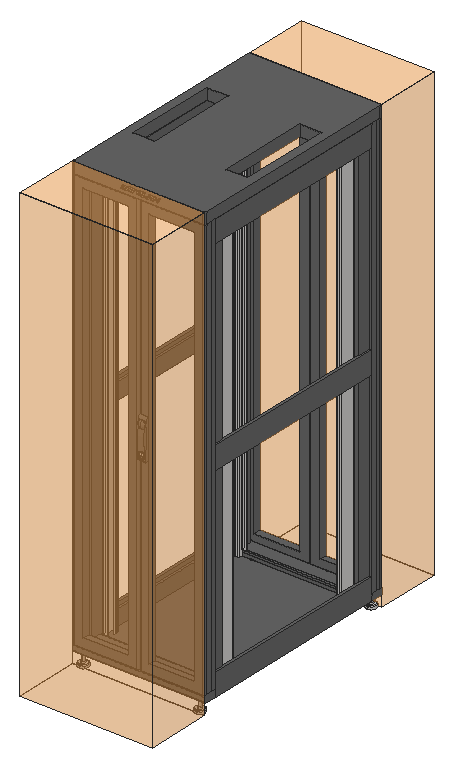
Revit family "Eurolan_Шкафы Rackcenter D9000", category Электрооборудование, Revit 2019
Family settings
  Размер круглого соединителя = Использовать диаметр
  Тип детали = Другая панель
  На основе рабочей плоскости = Нет
  Всегда вертикально = Да
  При загрузке вырезать с полостями = Нет
  Общий = Нет
  Точка расчета площади = Нет
Parameters (values of type "42U_600×1000_60F-42-6A-97BL_19" шкаф Rackcenter D9000_передняя дверь двустворчатая, задняя дверь двустворчатая_без боковых стенок")
  число_передняя дверь = 2
  выбор_передняя дверь = in_Дверь_перфорированная_двойная : in_Дверь_перфорированная_двойная
  выбор_задняя дверь = in_Дверь_перфорированная_двойная : in_Дверь_перфорированная_двойная
  Смещение от пола = 51.000 mm
  Зона обслуживания [instance] = yes
  Двери [instance] = yes
  Глубина зоны обслуживания_Спереди = if(число_передняя дверь = 2, ADSK_Размер_Ширина / 2, ADSK_Размер_Ширина)  # 300.000 mm
  Глубина зоны обслуживания_Сзади = ADSK_Размер_Ширина / 2  # 300.000 mm
  Боковые панели = no
  ADSK_Размер_Ширина = 600.000 mm
  ADSK_Размер_Глубина = 1000.000 mm
  ADSK_Размер_Высота = 2044.000 mm
  ADSK_Примечание [instance] = ""
  ADSK_Позиция [instance] = ""
  ADSK_Наименование краткое = "19\" шкаф Rackcenter D9000"
  ADSK_Наименование = "19\" шкаф Rackcenter D9000, 42U 600 × 1000 мм, передняя дверь перфорированная двустворчатая, задняя дверь перфорированная двустворчатая, без боковых стенок, черный"
  ADSK_Материал = Металл RAL 9005
  ADSK_Масса = 112.2
  ADSK_Марка = "D9000"
  ADSK_Код изделия = "60F-42-6A-97BL"
  ADSK_Завод-изготовитель = "Eurolan"  # constant formula
  ADSK_Единица измерения = "шт."  # constant formula
  48U = if(ADSK_Размер_Высота > 2044.000 mm, 1 = 1, 1 = 0)  # no
Reference planes
  plane 1 "По центру (Вперед/Назад)": y = 0
  plane 2: z = 0
  plane 3 "По центру (Влево/Вправо)": x = 0
  plane 4: z = 51
  plane 5: x = -300
  plane 6: x = 300
  plane 7: z = 151
  plane 8: y = 500
  plane 9: y = -500
  plane 10: z = 2044
Forms (mm)
  Extrusion 1, solid, material "Металл RAL 9005" <- "ADSK_Материал", detail levels coarse
    sketch origin (0, 0, 0) x (1, 0, 0) y (0, 1, 0)
      loop
        line (-300, 500) -> (-300, -500) -> (300, -500) -> (300, 500) -> (-300, 500)
    from 0 to 2044
  Extrusion 2, solid, material "Металл RAL 9005" <- "ADSK_Материал", detail levels medium
    sketch origin (0, 0, 0) x (1, 0, 0) y (0, 1, 0)
      loop
        line (-300, 500) -> (-300, -500) -> (300, -500) -> (300, 500) -> (-300, 500)
    from 51 to 2044
  Extrusion 3, solid, material "Зона обслуживания", visible <- "Зона обслуживания"
    sketch origin (0, 0, 0) x (1, 0, 0) y (0, 1, 0)
      loop
        line (-300, 500) -> (300, 500) -> (300, 800) -> (-300, 800) -> (-300, 500)
    from 0 to 2044 <- "ADSK_Размер_Высота"
  Extrusion 4, solid, material "Зона обслуживания", visible <- "Зона обслуживания"
    sketch origin (0, 0, 0) x (1, 0, 0) y (0, 1, 0)
      loop
        line (-300, -500) -> (-300, -800) -> (300, -800) -> (300, -500) -> (-300, -500)
    from 0 to 2044 <- "ADSK_Размер_Высота"
Lines and regions (mm)
  model lines
    curve 1: line (-268.499, 447.064, 0) -> (-155.499, 447.064, 0)
    curve 2: line (-268.499, 306.064, 0) -> (-268.499, 447.064, 0)
    curve 3: line (-155.499, 306.064, 0) -> (-268.499, 306.064, 0)
    curve 4: line (-155.499, 447.064, 0) -> (-155.499, 306.064, 0)
    curve 5: line (-158.499, 309.064, 0) -> (-265.499, 309.064, 0)
    curve 6: line (-158.499, 444.064, 0) -> (-158.499, 309.064, 0)
    curve 7: line (-265.499, 444.064, 0) -> (-158.499, 444.064, 0)
    curve 8: line (-265.499, 309.064, 0) -> (-265.499, 444.064, 0)
Dimensions and locks
  "Смещение от пола": plane 4 to level
  equal spacing: plane 5, plane 3 "По центру (Влево/Вправо)", plane 6
  "ADSK_Размер_Ширина": plane 5 to plane 6
  plane 7 to plane 4 = 100.000 mm
  equal spacing: plane 9, plane 1 "По центру (Вперед/Назад)", plane 8
  "ADSK_Размер_Глубина": plane 9 to plane 8
  "ADSK_Размер_Высота": plane 10 to plane 2
  "Глубина зоны обслуживания_Сзади": plane 8 to Extrusion 3 sketch curve
  "Глубина зоны обслуживания_Спереди": Extrusion 4 sketch curve to Extrusion 4 sketch curve
  nested 2 to nested 2 to nested 2 = 22.600 mm, 23.400 mm
  plane 10 to nested 7 = 50.000 mm
  nested 11 to nested 11 = 1.350 mm
  nested 11 to nested 4 = 1.999 mm
  aligned and locked: level to plane 2
  aligned and locked: plane 8 to nested 3
  aligned and locked: nested 4 to plane 9
  aligned and locked: plane 8 to nested 10
  aligned and locked: plane 8 to Extrusion 1 sketch curve
  aligned and locked: Extrusion 1 sketch curve to plane 5
  aligned and locked: plane 9 to Extrusion 1 sketch curve
  aligned and locked: plane 6 to Extrusion 1 sketch curve
  aligned and locked: plane 10 to Extrusion 1
  aligned and locked: plane 8 to Extrusion 2 sketch curve
  aligned and locked: Extrusion 2 sketch curve to plane 5
  aligned and locked: plane 6 to Extrusion 2 sketch curve
  aligned and locked: plane 10 to Extrusion 2
  aligned and locked: Extrusion 2 to plane 4
  aligned and locked: Extrusion 3 sketch curve to plane 5
  aligned and locked: Extrusion 3 sketch curve to plane 6
  aligned and locked: plane 8 to Extrusion 3 sketch curve
  aligned and locked: Extrusion 4 sketch curve to plane 5
  aligned and locked: Extrusion 4 sketch curve to plane 9
  aligned and locked: plane 6 to Extrusion 4 sketch curve
  aligned and locked: nested 11 to nested 2
  aligned and locked: nested 12 to nested 1
  aligned and locked: plane 9 to nested 9
Automatic sketch dimensions
  Extrusion 2 sketch curve to plane 9 = 0.000 mm
Nested families
  nested 1: "in_Монтажный профиль" at (0, 0, 0), ADSK_Размер_Высота <- "ADSK_Размер_Высота", ADSK_Размер_Глубина <- "ADSK_Размер_Глубина", ADSK_Размер_Ширина <- "ADSK_Размер_Ширина", type ""
    with ADSK_Размер_Ширина 600.000 mm, ADSK_Размер_Глубина 1000.000 mm, ADSK_Размер_Высота 2044.000 mm, 750профиль no
  nested 2: "in_Монтажный профиль" at (0, 0, 0), ADSK_Размер_Высота <- "ADSK_Размер_Высота", ADSK_Размер_Глубина <- "ADSK_Размер_Глубина", ADSK_Размер_Ширина <- "ADSK_Размер_Ширина", type ""
    with ADSK_Размер_Ширина 600.000 mm, ADSK_Размер_Глубина 1000.000 mm, ADSK_Размер_Высота 2044.000 mm, 750профиль no
  nested 3: "in_Каркас_Фронт-Тыл" at (0, 100, 0), ADSK_Размер_Высота <- "ADSK_Размер_Высота", ADSK_Размер_Ширина <- "ADSK_Размер_Ширина", type "in_Каркас_Фронт-Тыл"
    with срез_сверху 11.000 mm, ADSK_Размер_Ширина 600.000 mm, ADSK_Размер_Высота 2044.000 mm
  nested 4: "in_Каркас_Фронт-Тыл" at (0, -100, 0), ADSK_Размер_Высота <- "ADSK_Размер_Высота", ADSK_Размер_Ширина <- "ADSK_Размер_Ширина", type ""
    with срез_сверху 11.000 mm, ADSK_Размер_Ширина 600.000 mm, ADSK_Размер_Высота 2044.000 mm
  nested 5: "in_Каркас_Боковой" at (0, 0, 0), ADSK_Размер_Высота <- "ADSK_Размер_Высота", ADSK_Размер_Глубина <- "ADSK_Размер_Глубина", ADSK_Размер_Ширина <- "ADSK_Размер_Ширина", type ""
    with ADSK_Размер_Ширина 600.000 mm, ADSK_Размер_Глубина 1000.000 mm, ADSK_Размер_Высота 2044.000 mm
  nested 6: "in_Нижняя панель" at (0, 0, 0), ADSK_Размер_Глубина <- "ADSK_Размер_Глубина", ADSK_Размер_Ширина <- "ADSK_Размер_Ширина", type "in_Нижняя панель"
    with ADSK_Размер_Ширина 600.000 mm, ADSK_Размер_Глубина 1000.000 mm
  nested 7: "in_Крыша" at (0, 0, 0), ADSK_Размер_Высота <- "ADSK_Размер_Высота", ADSK_Размер_Глубина <- "ADSK_Размер_Глубина", ADSK_Размер_Ширина <- "ADSK_Размер_Ширина", type ""
    with ADSK_Размер_Ширина 600.000 mm, ADSK_Размер_Глубина 1000.000 mm, ADSK_Размер_Высота 2044.000 mm
  nested 8: "in_Боковые панели" at (0, 0, 0), ADSK_Размер_Высота <- "ADSK_Размер_Высота", ADSK_Размер_Глубина <- "ADSK_Размер_Глубина", ADSK_Размер_Ширина <- "ADSK_Размер_Ширина", visible <- "Боковые панели", type ""
    with Глубина стенок 890.000 mm, Высота стенки 2002.000 mm, ADSK_Размер_Ширина 600.000 mm, ADSK_Размер_Глубина 1000.000 mm, ADSK_Размер_Высота 2044.000 mm
  nested 9: "in_Дверь_перфорированная_двойная" at (0, -200, 0), ADSK_Размер_Высота <- "ADSK_Размер_Высота", ADSK_Размер_Ширина <- "ADSK_Размер_Ширина", visible <- "Двери", a setting <- "выбор_передняя дверь", type ""
    with соты_количество 64, ADSK_Размер_Ширина 600.000 mm, ADSK_Размер_Высота 2044.000 mm
  nested 10: "in_Дверь_перфорированная_двойная" at (0, 200, 0) x (-1, 0, 0) z (0, 0, 1), ADSK_Размер_Высота <- "ADSK_Размер_Высота", ADSK_Размер_Ширина <- "ADSK_Размер_Ширина", visible <- "Двери", a setting <- "выбор_задняя дверь", type ""
    with соты_количество 64, ADSK_Размер_Ширина 600.000 mm, ADSK_Размер_Высота 2044.000 mm
  nested 11: "GM_in_Комплект_НомераЮнитов_1-47" at (-230.5, -145, 0), type "GM_in_Комплект_НомераЮнитов_1-47"
    with ADSK_Размер_Ширина 600.000 mm, ADSK_Размер_Высота 2277.000 mm, 47U no
  nested 12: "GM_in_Комплект_НомераЮнитов_1-47" at (230.5, 145, 0) x (-1, 0, 0) z (0, 0, 1), type "GM_in_Комплект_НомераЮнитов_1-47"
    with ADSK_Размер_Ширина 600.000 mm, ADSK_Размер_Высота 2277.000 mm, 47U no
Definition of nested family "in_Монтажный профиль"
  Parameters (values of type "in_Монтажный профиль")
    Смещение профиля = 105.000 mm
    Смещение от пола = 51.000 mm
    ADSK_Размер_Ширина [instance] = 750.000 mm
    ADSK_Размер_Глубина [instance] = 1000.000 mm
    ADSK_Размер_Высота [instance] = 2277.000 mm
    750профиль [instance] = if(ADSK_Размер_Ширина = 750.000 mm, 1 = 1, 1 = 0)  # yes
  Reference planes
    plane 1 "По центру (Вперед/Назад)": y = 0
    plane 2: z = 0
    plane 3 "По центру (Влево/Вправо)": x = 0
    plane 4: y = 500
    plane 5: y = -500
    plane 6: x = -375
    plane 7: x = 375
    plane 8: y = 395
    plane 9: x = -347
    plane 10: x = 347
    plane 11: z = 51
  Forms (mm)
    Extrusion 1, solid, detail levels fine
      sketch origin (0, -0.984, 0) x (1, 0, 0) y (0, 1, 0)
        loop
          line (-226.805, 400.492) -> (-236.805, 400.492) -> (-246.205, 400.492)
          arc (-246.205, 400.492) -> (-249.033, 399.32) -> (-250.205, 396.492) r 4
          line (-250.205, 396.492) -> (-250.205, 387.492)
          arc (-250.205, 387.492) -> (-250.791, 386.078) -> (-252.205, 385.492) r 2
          line (-252.205, 385.492) -> (-266.805, 385.492)
          arc (-266.805, 385.492) -> (-269.634, 384.32) -> (-270.805, 381.492) r 4
          line (-270.805, 381.492) -> (-270.805, 314.49)
          arc (-270.805, 314.49) -> (-269.634, 311.662) -> (-266.805, 310.49) r 4
          line (-266.805, 310.49) -> (-252.205, 310.49)
          arc (-252.205, 310.49) -> (-249.377, 311.662) -> (-248.205, 314.49) r 4
          line (-248.205, 314.49) -> (-248.205, 322.49) -> (-248.205, 332.491) -> (-248.205, 334.491) -> (-250.205, 334.491) -> (-250.205, 332.491) -> (-250.205, 322.49) -> (-250.205, 314.49)
          arc (-250.205, 314.49) -> (-250.791, 313.076) -> (-252.205, 312.49) r 2
          line (-252.205, 312.49) -> (-266.805, 312.49)
          arc (-266.805, 312.49) -> (-268.22, 313.076) -> (-268.805, 314.49) r 2
          line (-268.805, 314.49) -> (-268.805, 381.492)
          arc (-268.805, 381.492) -> (-268.22, 382.906) -> (-266.805, 383.492) r 2
          line (-266.805, 383.492) -> (-252.205, 383.492)
          arc (-252.205, 383.492) -> (-249.377, 384.663) -> (-248.205, 387.492) r 4
          line (-248.205, 387.492) -> (-248.205, 396.492)
          arc (-248.205, 396.492) -> (-247.619, 397.906) -> (-246.205, 398.492) r 2
          line (-246.205, 398.492) -> (-236.805, 398.492) -> (-226.805, 398.492) -> (-224.804, 398.492) -> (-224.804, 400.492) -> (-226.805, 400.492)
      from 0 to 1888.8
  Lines and regions (mm)
    model lines
      curve 1: line (-224.804, 399.508, 0) -> (0, 399.508, 0)
      curve 2: line (-248.205, 333.507, 0) -> (0, 333.507, 0)
      curve 3: line (-270.805, 380.508, 0) -> (-270.805, 399.508, 0)
      curve 4: line (-307.999, 393, 0) -> (-307.999, 403, 0)
      curve 5: line (307.999, 393, 0) -> (307.999, 403, 0)
  Dimensions and locks
    equal spacing: plane 4, plane 1 "По центру (Вперед/Назад)", plane 5
    "ADSK_Размер_Глубина": plane 4 to plane 5
    equal spacing: plane 6, plane 3 "По центру (Влево/Вправо)", plane 7
    "ADSK_Размер_Ширина": plane 6 to plane 7
    "Смещение профиля": plane 4 to plane 8
    locked: plane 6 to plane 9 at 28
    locked: plane 10 to plane 7 at 28
    "Смещение от пола": plane 11 to plane 2
    nested 1 to plane 11 = 14.000 mm
    aligned and locked: level to plane 2
    aligned and locked: nested 2 to plane 8
    aligned and locked: plane 8 to nested 1
    aligned and locked: nested 1 to plane 9
    aligned and locked: plane 10 to nested 2
  Automatic sketch dimensions
    Extrusion 1 sketch curve to Extrusion 1 sketch curve = 0.000 mm  (x23)
    Extrusion 1 sketch curve to Extrusion 1 sketch curve = 2.000 mm  (x9)
    Extrusion 1 sketch curve to Extrusion 1 sketch curve = 10.000 mm  (x2)
    Extrusion 1 sketch curve to Extrusion 1 sketch curve = 9.400 mm
    Extrusion 1 sketch curve to Extrusion 1 sketch curve = 14.600 mm  (x2)
    Extrusion 1 sketch curve to Extrusion 1 sketch curve = 8.000 mm
    Extrusion 1 sketch curve to Extrusion 1 sketch curve = 47.001 mm
    Extrusion 1 sketch curve to Extrusion 1 sketch curve = 9.000 mm
    curve 3 to curve 2 = 22.600 mm
    curve 3 to curve 1 = 46.001 mm
    curve 1 to curve 2 = 224.804 mm
    curve 1 to curve 2 = 0.000 mm
    curve 2 to curve 3 = 47.001 mm
    curve 2 to curve 1 = 66.001 mm
    curve 3 to curve 3 = 19.000 mm
    plane 8 to curve 4 = 8.000 mm
    plane 8 to curve 5 = 8.000 mm
    curve 5 to plane 10 = 39.001 mm
    curve 4 to plane 8 = 2.000 mm
    curve 5 to plane 8 = 2.000 mm
    curve 4 to plane 9 = 39.001 mm
  Nested families
    nested 1: "in_Стойка профиля" at (-1.195, 0, 0), ADSK_Размер_Высота <- "ADSK_Размер_Высота", ADSK_Размер_Ширина <- "ADSK_Размер_Ширина", Смещение от пола <- "Смещение от пола", 750профиль <- "750профиль", type ""
      with Смещение от пола 51.000 mm, ADSK_Размер_Ширина 750.000 mm, ADSK_Размер_Высота 2277.000 mm, 750профиль yes
    nested 2: "in_Стойка профиля" at (1.195, 0, 0) x (-1, 0, 0) z (0, 0, 1), ADSK_Размер_Высота <- "ADSK_Размер_Высота", ADSK_Размер_Ширина <- "ADSK_Размер_Ширина", Смещение от пола <- "Смещение от пола", 750профиль <- "750профиль", type ""
      with Смещение от пола 51.000 mm, ADSK_Размер_Ширина 750.000 mm, ADSK_Размер_Высота 2277.000 mm, 750профиль yes
  Definition of nested family "in_Стойка профиля"
    Parameters (values of type "in_Стойка профиля")
      Смещение профиля = 105.000 mm
      Смещение от пола [instance] = 125.000 mm
      ADSK_Размер_Ширина [instance] = 750.000 mm
      ADSK_Размер_Высота [instance] = 2077.000 mm
      750профиль [instance] = yes
    Reference planes
      plane 1 "По центру (Вперед/Назад)": y = 0
      plane 2: z = 0
      plane 3 "По центру (Влево/Вправо)": x = 0
      plane 4: y = 500
      plane 5: x = -375
      plane 6: x = 375
      plane 7: y = 395
      plane 8: x = -345.805
      plane 9: x = 345.805
      plane 10: z = 125
      plane 11: z = 2077
      plane 12: z = 1975
      plane 13: z = 2027
      plane 14: x = -299.805
      plane 15: x = -224.805
      plane 16: z = 139
      plane 17: z = 169
    Forms (mm)
      Extrusion 1, solid, detail levels fine
        sketch origin (0, -0.492, 0) x (1, 0, 0) y (0, 1, 0)
          loop
            line (-301.805, 395.492) -> (-311.805, 395.492) -> (-321.205, 395.492)
            arc (-321.205, 395.492) -> (-324.033, 394.32) -> (-325.205, 391.492) r 4
            line (-325.205, 391.492) -> (-325.205, 382.492)
            arc (-325.205, 382.492) -> (-325.791, 381.078) -> (-327.205, 380.492) r 2
            line (-327.205, 380.492) -> (-341.805, 380.492)
            arc (-341.805, 380.492) -> (-344.634, 379.32) -> (-345.805, 376.492) r 4
            line (-345.805, 376.492) -> (-345.805, 309.49)
            arc (-345.805, 309.49) -> (-344.634, 306.662) -> (-341.805, 305.49) r 4
            line (-341.805, 305.49) -> (-327.205, 305.49)
            arc (-327.205, 305.49) -> (-324.377, 306.662) -> (-323.205, 309.49) r 4
            line (-323.205, 309.49) -> (-323.205, 317.49) -> (-323.205, 327.491) -> (-323.205, 329.491) -> (-325.205, 329.491) -> (-325.205, 327.491) -> (-325.205, 317.49) -> (-325.205, 309.49)
            arc (-325.205, 309.49) -> (-325.791, 308.076) -> (-327.205, 307.49) r 2
            line (-327.205, 307.49) -> (-341.805, 307.49)
            arc (-341.805, 307.49) -> (-343.22, 308.076) -> (-343.805, 309.49) r 2
            line (-343.805, 309.49) -> (-343.805, 376.492)
            arc (-343.805, 376.492) -> (-343.22, 377.906) -> (-341.805, 378.492) r 2
            line (-341.805, 378.492) -> (-327.205, 378.492)
            arc (-327.205, 378.492) -> (-324.377, 379.663) -> (-323.205, 382.492) r 4
            line (-323.205, 382.492) -> (-323.205, 391.492)
            arc (-323.205, 391.492) -> (-322.619, 392.906) -> (-321.205, 393.492) r 2
            line (-321.205, 393.492) -> (-311.805, 393.492) -> (-301.805, 393.492) -> (-299.805, 393.492) -> (-299.805, 395.492) -> (-301.805, 395.492)
        from 139 to 2027
      Extrusion 2, solid, detail levels fine
        sketch origin (0, -0.984, 0) x (1, 0, 0) y (0, 1, 0)
          loop
            line (-226.805, 400.492) -> (-236.805, 400.492) -> (-246.205, 400.492)
            arc (-246.205, 400.492) -> (-249.033, 399.32) -> (-250.205, 396.492) r 4
            line (-250.205, 396.492) -> (-250.205, 387.492)
            arc (-250.205, 387.492) -> (-250.791, 386.078) -> (-252.205, 385.492) r 2
            line (-252.205, 385.492) -> (-266.805, 385.492)
            arc (-266.805, 385.492) -> (-269.634, 384.32) -> (-270.805, 381.492) r 4
            line (-270.805, 381.492) -> (-270.805, 314.49)
            arc (-270.805, 314.49) -> (-269.634, 311.662) -> (-266.805, 310.49) r 4
            line (-266.805, 310.49) -> (-252.205, 310.49)
            arc (-252.205, 310.49) -> (-249.377, 311.662) -> (-248.205, 314.49) r 4
            line (-248.205, 314.49) -> (-248.205, 322.49) -> (-248.205, 332.491) -> (-248.205, 334.491) -> (-250.205, 334.491) -> (-250.205, 332.491) -> (-250.205, 322.49) -> (-250.205, 314.49)
            arc (-250.205, 314.49) -> (-250.791, 313.076) -> (-252.205, 312.49) r 2
            line (-252.205, 312.49) -> (-266.805, 312.49)
            arc (-266.805, 312.49) -> (-268.22, 313.076) -> (-268.805, 314.49) r 2
            line (-268.805, 314.49) -> (-268.805, 381.492)
            arc (-268.805, 381.492) -> (-268.22, 382.906) -> (-266.805, 383.492) r 2
            line (-266.805, 383.492) -> (-252.205, 383.492)
            arc (-252.205, 383.492) -> (-249.377, 384.663) -> (-248.205, 387.492) r 4
            line (-248.205, 387.492) -> (-248.205, 396.492)
            arc (-248.205, 396.492) -> (-247.619, 397.906) -> (-246.205, 398.492) r 2
            line (-246.205, 398.492) -> (-236.805, 398.492) -> (-226.805, 398.492) -> (-224.804, 398.492) -> (-224.804, 400.492) -> (-226.805, 400.492)
        from 0 to 2227
      Extrusion 3, void
        sketch origin (200, -250, 0) x (-1, 0, 0) y (0, 0, -1)
          loop
            line (523.205, -139) -> (499.805, -139) -> (499.805, -169) -> (523.205, -169) -> (523.205, -139)
        from -650 to -635
      Extrusion 4, void
        sketch origin (200, -250, 2222) x (-1, 0, 0) y (0, 0, -1)
          loop
            line (523.205, 195) -> (523.205, 227) -> (424.805, 227) -> (424.805, 195) -> (523.205, 195)
        from -650 to -635
      Extrusion 5, solid, visible <- "750профиль", detail levels fine
        sketch origin (75, -0.492, 0) x (1, 0, 0) y (0, 1, 0)
          loop
            line (-301.805, 395.492) -> (-311.805, 395.492) -> (-374.805, 395.492) -> (-374.805, 393.492) -> (-311.805, 393.492) -> (-301.805, 393.492) -> (-299.805, 393.492) -> (-299.805, 395.492) -> (-301.805, 395.492)
        from 169 to 2027
    Cuts and joins
      Extrusion 3, Extrusion 4 cuts Extrusion 1
      Extrusion 3, Extrusion 4 cuts Extrusion 5
    Lines and regions (mm)
      model lines
        curve 1: line (-299.804, 395, 0) -> (-345.805, 395, 0)
        curve 2: line (-224.804, 399.508, 0) -> (0, 399.508, 0)
        curve 3: line (-248.205, 333.507, 0) -> (0, 333.507, 0)
        curve 4: line (-345.805, 376, 0) -> (-345.805, 395, 0)
        curve 5: line (-270.805, 380.508, 0) -> (-270.805, 399.508, 0)
    Dimensions and locks
      equal spacing: plane 5, plane 3 "По центру (Влево/Вправо)", plane 6
      "ADSK_Размер_Ширина": plane 5 to plane 6
      "Смещение профиля": plane 4 to plane 7
      plane 5 to plane 8 = 29.195 mm
      plane 9 to plane 6 = 29.195 mm
      "Смещение от пола": plane 10 to plane 2
      "ADSK_Размер_Высота": plane 11 to plane 2
      plane 11 to plane 13 to plane 12 = 50.000 mm, 52.000 mm
      plane 8 to plane 14 = 46.000 mm
      plane 8 to plane 15 = 121.000 mm
      locked: plane 16 to plane 10 at 14
      locked: plane 17 to plane 16 at 30
      aligned and locked: level to plane 2
      aligned and locked: curve 1 to plane 7
      aligned and locked: curve 4 to plane 8
      aligned and locked: plane 13 to cut or joined group of Extrusion 1, Extrusion 3, Extrusion 4
      aligned and locked: cut or joined group of Extrusion 1, Extrusion 3, Extrusion 4 to plane 14
      aligned and locked: plane 13 to cut or joined group of Extrusion 3, Extrusion 4, Extrusion 5
      aligned and locked: cut or joined group of Extrusion 1, Extrusion 3, Extrusion 4 to plane 16
      aligned and locked: cut or joined group of Extrusion 3, Extrusion 4, Extrusion 5 to plane 17
      aligned and locked: Extrusion 3 sketch curve to plane 16
      aligned and locked: Extrusion 3 sketch curve to plane 17
      aligned and locked: Extrusion 3 sketch curve to plane 14
      aligned and locked: Extrusion 5 to Extrusion 3
    Automatic sketch dimensions
      Extrusion 2 sketch curve to Extrusion 2 sketch curve = 0.000 mm  (x23)
      Extrusion 2 sketch curve to Extrusion 2 sketch curve = 2.000 mm  (x9)
      Extrusion 2 sketch curve to Extrusion 2 sketch curve = 10.000 mm  (x2)
      Extrusion 2 sketch curve to Extrusion 2 sketch curve = 9.400 mm
      Extrusion 2 sketch curve to Extrusion 2 sketch curve = 14.600 mm  (x2)
      Extrusion 2 sketch curve to Extrusion 2 sketch curve = 8.000 mm
      Extrusion 2 sketch curve to Extrusion 2 sketch curve = 47.001 mm
      Extrusion 2 sketch curve to Extrusion 2 sketch curve = 9.000 mm
      curve 4 to curve 1 = 46.001 mm
      curve 4 to curve 4 = 19.000 mm
      curve 5 to curve 3 = 22.600 mm
      curve 5 to curve 2 = 46.001 mm
      curve 2 to curve 3 = 224.804 mm
      curve 2 to curve 3 = 0.000 mm
      curve 3 to curve 5 = 47.001 mm
      curve 3 to curve 2 = 66.001 mm
      curve 5 to curve 5 = 19.000 mm
      curve 1 to plane 7 = 0.000 mm
      curve 1 to plane 8 = 0.000 mm
      curve 1 to plane 14 = 0.001 mm
      curve 4 to curve 1 = 19.000 mm
      Extrusion 1 sketch curve to Extrusion 1 sketch curve = 0.000 mm  (x12)
      Extrusion 1 sketch curve to plane 8 = 0.000 mm
      Extrusion 1 sketch curve to plane 7 = 0.000 mm
      Extrusion 1 sketch curve to plane 14 = 0.000 mm
      Extrusion 1 sketch curve to Extrusion 1 sketch curve = 2.000 mm  (x8)
      Extrusion 1 sketch curve to Extrusion 1 sketch curve = 14.600 mm  (x2)
      Extrusion 1 sketch curve to Extrusion 1 sketch curve = 9.400 mm
      plane 14 to Extrusion 1 sketch curve = 1.999 mm  (x2)
      Extrusion 1 sketch curve to Extrusion 1 sketch curve = 9.000 mm
      Extrusion 1 sketch curve to Extrusion 1 sketch curve = 49.001 mm
      Extrusion 1 sketch curve to Extrusion 1 sketch curve = 10.000 mm
      Extrusion 1 sketch curve to Extrusion 1 sketch curve = 8.000 mm
      Extrusion 4 sketch curve to plane 13 = 0.000 mm
      Extrusion 4 sketch curve to plane 14 = 75.000 mm
      Extrusion 4 sketch curve to plane 8 = 22.600 mm
      plane 12 to Extrusion 4 sketch curve = 20.000 mm
      Extrusion 5 sketch curve to plane 14 = 0.000 mm
      Extrusion 5 sketch curve to plane 7 = 0.000 mm  (x2)
      Extrusion 5 sketch curve to plane 15 = 0.000 mm
      plane 15 to Extrusion 5 sketch curve = 11.999 mm
      Extrusion 5 sketch curve to Extrusion 5 sketch curve = 0.000 mm  (x2)
      plane 15 to Extrusion 5 sketch curve = 1.999 mm  (x2)
      Extrusion 5 sketch curve to Extrusion 5 sketch curve = 2.000 mm  (x2)
      Extrusion 5 sketch curve to Extrusion 5 sketch curve = 63.001 mm
      Extrusion 3 sketch curve to plane 8 = 22.600 mm
Definition of nested family "in_Каркас_Фронт-Тыл"
  Parameters (values of type "in_Каркас_Фронт-Тыл")
    срез_сверху [instance] = if(ADSK_Размер_Высота > 2044.000 mm, 2.000 mm, 11.000 mm)  # 11.000 mm
    Смещение от пола = 51.000 mm
    ADSK_Размер_Ширина [instance] = 600.000 mm
    ADSK_Размер_Высота [instance] = 2044.000 mm
    ADSK_Материал = none
  Reference planes
    plane 1 "По центру (Вперед/Назад)": y = 0
    plane 2: z = 0
    plane 3 "По центру (Влево/Вправо)": x = 0
    plane 4: z = 51
    plane 5: z = 2044
    plane 6: x = -300
    plane 7: x = 300
    plane 8: z = 1952
    plane 9 "н": z = 82.001
    plane 10: y = 400
    plane 11: y = -400
    plane 12: z = 1994
    plane 13: y = 364
    plane 14: z = 1963
  Forms (mm)
    Extrusion 1, solid, material <- "ADSK_Материал"
      sketch origin (0, -1691.471, -81.814) x (0, 1, 0) y (0, 0, 1)
        loop
          line (1986.471, 163.814) -> (2055.471, 163.814) -> (2055.471, 170.814)
          arc (2055.471, 170.814) -> (2054.3, 173.643) -> (2051.471, 174.814) r 4
          line (2051.471, 174.814) -> (1990.471, 174.814)
          arc (1990.471, 174.814) -> (1987.643, 173.643) -> (1986.471, 170.814) r 4
          line (1986.471, 170.814) -> (1986.471, 163.814)
      from -286 to 286
    Sweep 2, solid, material <- "ADSK_Материал"
      path origin (250.5, -351.009, 0) x (-1, 0, 0) y (0, 0, -1)
        loop
          line (508.505, -82.001) -> (508.505, -1952) -> (-7.505, -1952) -> (-7.505, -82.001)
      profile origin (-258.005, -351.009, 1017) x (-1, 0, 0) y (0, -1, 0)
        loop
          line (41.995, -715.009) -> (41.995, -697.009) -> (27.995, -697.009) -> (27.995, -640.009) -> (-0.005, -640.009) -> (-0.005, -698.683) -> (16.195, -715.009) -> (41.995, -715.009)
    Extrusion 3, void
      sketch origin (250.5, -250, 0) x (-1, 0, 0) y (0, 0, -1)
        loop
          line (508.5, -1963) -> (508.5, -1952) -> (-6.5, -1952) -> (-6.5, -1963) -> (508.5, -1963)
      from -650 to -520
  Cuts and joins
    Extrusion 3 cuts Sweep 2
    joined: Extrusion 1, Sweep 2
  Lines and regions (mm)
    model lines
      curve 1: line (-300, 364, 82.001) -> (-300, 400, 82.001)
      curve 2: line (-300, 400, 82.001) -> (300, 400, 82.001)
      curve 3: line (300, 400, 82.001) -> (300, 364, 82.001)
  Dimensions and locks
    "Смещение от пола": plane 4 to level
    equal spacing: plane 6, plane 3 "По центру (Влево/Вправо)", plane 7
    "ADSK_Размер_Ширина": plane 6 to plane 7
    "ADSK_Размер_Высота": plane 5 to plane 2
    locked: plane 5 to plane 8 at 92
    plane 9 "н" to plane 4 = 31.001 mm
    locked: Extrusion 1 sketch curve to Extrusion 1 sketch curve at 11
    locked: plane 6 to cut or joined group of Extrusion 1, Sweep 2, Extrusion 3 at 14
    locked: cut or joined group of Extrusion 1, Sweep 2, Extrusion 3 to plane 7 at 14
    locked: plane 9 "н" to plane 4 at 31.001
    equal spacing: plane 11, plane 1 "По центру (Вперед/Назад)", plane 10
    plane 11 to plane 10 = 800.000 mm
    locked: plane 5 to plane 12 at 50
    locked: plane 10 to plane 13 at 36
    plane 10 to plane 1 "По центру (Вперед/Назад)" to plane 11 = 400.000 mm, 400.000 mm
    plane 5 to level = 2044.000 mm
    locked: Extrusion 3 to Extrusion 3 at 130
    "срез_сверху": plane 14 to plane 8
    aligned and locked: level to plane 2
    aligned and locked: Sweep 2 sketch curve to plane 8
    aligned and locked: cut or joined group of Extrusion 1, Sweep 2, Extrusion 3 to plane 13
    aligned and locked: Extrusion 3 to plane 8
    aligned and locked: Extrusion 3 to plane 10
    aligned and locked: plane 14 to Extrusion 3
  Automatic sketch dimensions
    Sweep 2 sketch curve to plane 6 = 41.995 mm
    plane 7 to Sweep 2 sketch curve = 41.995 mm
    plane 4 to Sweep 2 sketch curve = 31.001 mm  (x2)
    plane 10 to Extrusion 1 sketch curve = 105.000 mm
    plane 10 to Extrusion 1 sketch curve = 101.000 mm
    Extrusion 1 sketch curve to Extrusion 1 sketch curve = 61.000 mm
    Extrusion 1 sketch curve to Extrusion 1 sketch curve = 4.000 mm
    plane 4 to Extrusion 1 sketch curve = 31.001 mm
    curve 2 to plane 7 = 0.000 mm
    curve 1 to plane 6 = 0.000 mm
    plane 13 to curve 1 = 0.000 mm
    plane 10 to curve 1 = 0.000 mm
    plane 13 to curve 3 = 0.000 mm
    profile plane to Sweep 2 sketch curve = 0.005 mm
    Sweep 2 sketch curve to profile plane = 16.195 mm
    Sweep 2 sketch curve to Sweep 2 sketch curve = 11.800 mm
    Sweep 2 sketch curve to Sweep 2 sketch curve = 14.000 mm
    Sweep 2 sketch curve to profile plane = 715.009 mm
    Sweep 2 sketch curve to Sweep 2 sketch curve = 18.000 mm
    Sweep 2 sketch curve to Sweep 2 sketch curve = 57.000 mm
    Sweep 2 sketch curve to Sweep 2 sketch curve = 16.327 mm
    plane 8 to Extrusion 3 sketch curve = 11.000 mm
    plane 7 to Extrusion 3 sketch curve = 43.000 mm
    plane 8 to Extrusion 3 sketch curve = 0.000 mm
    Extrusion 3 sketch curve to plane 6 = 42.000 mm
Definition of nested family "in_Каркас_Боковой"
  Parameters (values of type "in_Каркас_Боковой")
    Каркас отступ = 55.000 mm
    Смещение от пола = 51.000 mm
    ADSK_Размер_Ширина [instance] = 750.000 mm
    ADSK_Размер_Глубина [instance] = 1000.000 mm
    ADSK_Размер_Высота [instance] = 2277.000 mm
    ADSK_Материал = none
  Reference planes
    plane 1 "По центру (Вперед/Назад)": y = 0
    plane 2: z = 0
    plane 3 "По центру (Влево/Вправо)": x = 0
    plane 4: z = 51
    plane 5: z = 2225
    plane 6: y = 445
    plane 7: y = -445
    plane 8: x = -375
    plane 9: x = 375
    plane 10: z = 2125
    plane 11: z = 1138
    plane 12: z = 151
    plane 13: z = 1088
    plane 14: z = 1188
    plane 15: y = 500
    plane 16: y = -500
    plane 17: z = 2277
  Forms (mm)
    Extrusion 1, solid, material <- "ADSK_Материал"
      sketch origin (250.5, -250, 0) x (-1, 0, 0) y (0, 0, -1)
        loop
          line (625.5, -151) -> (625.5, -51) -> (611.5, -51) -> (611.5, -65) -> (599.5, -65) -> (599.5, -137) -> (611.5, -137) -> (611.5, -151) -> (625.5, -151)
      from -695 to 195
    Extrusion 2, solid, material <- "ADSK_Материал"
      sketch origin (250.5, -250, 1026) x (-1, 0, 0) y (0, 0, -1)
        loop
          line (625.5, -162) -> (625.5, -62) -> (611.5, -62) -> (611.5, -76) -> (599.5, -76) -> (599.5, -148) -> (611.5, -148) -> (611.5, -162) -> (625.5, -162)
      from -695 to 195
    Extrusion 3, solid, material <- "ADSK_Материал"
      sketch origin (250.5, -250, 2046) x (-1, 0, 0) y (0, 0, -1)
        loop
          line (625.5, -179) -> (625.5, -79) -> (611.5, -79) -> (611.5, -93) -> (599.5, -93) -> (599.5, -165) -> (611.5, -165) -> (611.5, -179) -> (625.5, -179)
      from -695 to 195
    Extrusion 4, solid, material <- "ADSK_Материал"
      sketch origin (-250.5, -250, 0) x (1, 0, 0) y (0, 0, 1)
        loop
          line (625.5, 151) -> (611.5, 151) -> (611.5, 137) -> (599.5, 137) -> (599.5, 65) -> (611.5, 65) -> (611.5, 51) -> (625.5, 51) -> (625.5, 151)
      from -695 to 195
    Extrusion 5, solid, material <- "ADSK_Материал"
      sketch origin (-250.5, -250, 1026) x (1, 0, 0) y (0, 0, 1)
        loop
          line (625.5, 162) -> (611.5, 162) -> (611.5, 148) -> (599.5, 148) -> (599.5, 76) -> (611.5, 76) -> (611.5, 62) -> (625.5, 62) -> (625.5, 162)
      from -695 to 195
    Extrusion 6, solid, material <- "ADSK_Материал"
      sketch origin (-250.5, -250, 2046) x (1, 0, 0) y (0, 0, 1)
        loop
          line (625.5, 179) -> (611.5, 179) -> (611.5, 165) -> (599.5, 165) -> (599.5, 93) -> (611.5, 93) -> (611.5, 79) -> (625.5, 79) -> (625.5, 179)
      from -695 to 195
  Dimensions and locks
    equal spacing: plane 8, plane 3 "По центру (Влево/Вправо)", plane 9
    "ADSK_Размер_Ширина": plane 8 to plane 9
    locked: plane 5 to plane 10 at 100
    plane 12 to plane 4 = 100.000 mm
    equal spacing: plane 10, plane 11, plane 12
    locked: plane 14 to plane 11 at 50
    locked: plane 11 to plane 13 at 50
    "Каркас отступ": plane 16 to plane 7
    "Каркас отступ": plane 6 to plane 15
    equal spacing: plane 16, plane 1 "По центру (Вперед/Назад)", plane 15
    "ADSK_Размер_Глубина": plane 16 to plane 15
    plane 8 to Extrusion 1 to Extrusion 1 = 14.000 mm locked, 12.000 mm locked
    locked: Extrusion 2 to Extrusion 2 at 12
    locked: Extrusion 3 to Extrusion 3 at 12
    locked: Extrusion 3 to Extrusion 3 at 14  (x2)
    locked: Extrusion 3 to Extrusion 3 at 100
    "Смещение от пола": plane 4 to level
    locked: Extrusion 4 to Extrusion 4 at 12
    locked: Extrusion 5 to Extrusion 5 at 12
    locked: Extrusion 6 to Extrusion 6 at 12
    locked: Extrusion 6 to Extrusion 6 at 14  (x2)
    locked: Extrusion 6 to Extrusion 6 at 100
    plane 17 to plane 5 = 52.000 mm
    "ADSK_Размер_Высота": plane 17 to plane 2
    aligned and locked: level to plane 2
    aligned and locked: plane 8 to Extrusion 1
    aligned and locked: plane 7 to Extrusion 1
    aligned and locked: Extrusion 1 to plane 6
    aligned and locked: plane 5 to Extrusion 3
    aligned and locked: plane 7 to Extrusion 2
    aligned and locked: Extrusion 2 to plane 6
    aligned and locked: Extrusion 3 to plane 6
    aligned and locked: plane 7 to Extrusion 3
    aligned and locked: Extrusion 5 to plane 6
    aligned and locked: plane 7 to Extrusion 5
    aligned and locked: Extrusion 4 to plane 6
    aligned and locked: plane 7 to Extrusion 4
    aligned and locked: Extrusion 6 to plane 6
    aligned and locked: plane 7 to Extrusion 6
  Automatic sketch dimensions
    Extrusion 1 sketch curve to plane 4 = 0.000 mm
    Extrusion 1 sketch curve to plane 12 = 0.000 mm
    plane 8 to Extrusion 1 sketch curve = 0.000 mm
    Extrusion 1 sketch curve to Extrusion 1 sketch curve = 14.000 mm  (x2)
    Extrusion 1 sketch curve to Extrusion 1 sketch curve = 12.000 mm
    Extrusion 1 sketch curve to plane 12 = 14.000 mm
    plane 4 to Extrusion 1 sketch curve = 14.000 mm
    Extrusion 2 sketch curve to plane 13 = 0.000 mm
    Extrusion 2 sketch curve to plane 14 = 0.000 mm
    plane 8 to Extrusion 2 sketch curve = 0.000 mm
    Extrusion 2 sketch curve to plane 8 = 14.000 mm  (x2)
    Extrusion 2 sketch curve to Extrusion 2 sketch curve = 12.000 mm
    plane 14 to Extrusion 2 sketch curve = 14.000 mm
    plane 13 to Extrusion 2 sketch curve = 14.000 mm
    Extrusion 3 sketch curve to plane 10 = 0.000 mm
    Extrusion 3 sketch curve to plane 5 = 0.000 mm
    plane 8 to Extrusion 3 sketch curve = 0.000 mm
    Extrusion 3 sketch curve to plane 8 = 14.000 mm  (x2)
    Extrusion 3 sketch curve to Extrusion 3 sketch curve = 12.000 mm
    Extrusion 3 sketch curve to plane 5 = 14.000 mm
    plane 10 to Extrusion 3 sketch curve = 14.000 mm
    Extrusion 4 sketch curve to plane 4 = 0.000 mm
    Extrusion 4 sketch curve to plane 12 = 0.000 mm
    plane 9 to Extrusion 4 sketch curve = 0.000 mm
    Extrusion 4 sketch curve to Extrusion 4 sketch curve = 14.000 mm  (x3)
    Extrusion 4 sketch curve to Extrusion 4 sketch curve = 12.000 mm
    Extrusion 4 sketch curve to plane 12 = 14.000 mm
    Extrusion 5 sketch curve to plane 13 = 0.000 mm
    Extrusion 5 sketch curve to plane 14 = 0.000 mm
    plane 9 to Extrusion 5 sketch curve = 0.000 mm
    plane 9 to Extrusion 5 sketch curve = 14.000 mm  (x2)
    Extrusion 5 sketch curve to Extrusion 5 sketch curve = 12.000 mm
    plane 13 to Extrusion 5 sketch curve = 14.000 mm
    plane 14 to Extrusion 5 sketch curve = 14.000 mm
    Extrusion 6 sketch curve to plane 10 = 0.000 mm
    Extrusion 6 sketch curve to plane 5 = 0.000 mm
    plane 9 to Extrusion 6 sketch curve = 0.000 mm
    plane 9 to Extrusion 6 sketch curve = 14.000 mm  (x2)
    Extrusion 6 sketch curve to Extrusion 6 sketch curve = 12.000 mm
    plane 10 to Extrusion 6 sketch curve = 14.000 mm
    Extrusion 6 sketch curve to plane 5 = 14.000 mm
Definition of nested family "in_Нижняя панель"
  Parameters (values of type "in_Нижняя панель")
    Смещение от пола = 51.000 mm  # constant formula
    ADSK_Размер_Ширина [instance] = 600.000 mm
    ADSK_Размер_Глубина [instance] = 1000.000 mm
    ADSK_Материал = none
  Reference planes
    plane 1 "По центру (Вперед/Назад)": y = 0
    plane 2: z = 0
    plane 3 "По центру (Влево/Вправо)": x = 0
    plane 4: z = 51
    plane 5: x = -300
    plane 6: x = 300
    plane 7: y = 500
    plane 8: y = -500
  Forms (mm)
    Extrusion 1, solid, material <- "ADSK_Материал"
      sketch origin (0, -1590.462, -81.814) x (0, 1, 0) y (0, 0, 1)
        loop
          line (2090.462, 136.814) -> (2090.462, 159.814)
          arc (2090.462, 159.814) -> (2089.29, 162.643) -> (2086.462, 163.814) r 4
          line (2086.462, 163.814) -> (1986.46, 163.814) -> (1986.46, 146.814) -> (1194.464, 146.814) -> (1194.464, 163.814) -> (1094.462, 163.814)
          arc (1094.462, 163.814) -> (1091.634, 162.643) -> (1090.462, 159.814) r 4
          line (1090.462, 159.814) -> (1090.462, 136.814)
          arc (1090.462, 136.814) -> (1091.634, 133.985) -> (1094.462, 132.814) r 4
          line (1094.462, 132.814) -> (2086.462, 132.814)
          arc (2086.462, 132.814) -> (2089.29, 133.985) -> (2090.462, 136.814) r 4
      from -300 to 300
    Extrusion 2, void
      sketch origin (0, 0, 0) x (1, 0, 0) y (0, 1, 0)
        loop
          line (-286, -446) -> (-286, 446) -> (-300, 446) -> (-300, -446) -> (-286, -446)
        loop
          line (286, -446) -> (300, -446) -> (300, 446) -> (286, 446) -> (286, -446)
      from 51 to 91
    Extrusion 3, solid, detail levels fine
      sketch origin (0, 0, 0) x (0, 1, 0) y (0, 0, 1)
        loop
          line (458.999, 74.201) -> (458.999, 80.702) -> (405.498, 80.702) -> (405.498, 46.201)
          arc (405.498, 46.201) -> (408.427, 39.13) -> (415.498, 36.201) r 10
          arc (415.498, 36.201) -> (419.237, 36.926) -> (422.434, 38.997) r 10
          line (422.434, 38.997) -> (458.999, 74.201)
        loop
          circle (414.998, 43.201) r 4
      from 0 to 3
    Extrusion 4, solid, detail levels fine
      sketch origin (-20, 0, 0) x (0, 1, 0) y (0, 0, -1)
        loop
          line (458.999, -74.201) -> (422.434, -38.997)
          arc (422.434, -38.997) -> (419.237, -36.926) -> (415.498, -36.201) r 10
          arc (415.498, -36.201) -> (408.427, -39.13) -> (405.498, -46.201) r 10
          line (405.498, -46.201) -> (405.498, -80.702) -> (458.999, -80.702) -> (458.999, -74.201)
        loop
          circle (414.998, -43.201) r 4
      from 0 to 3
    Revolve 5, solid, detail levels fine
      sketch origin (0, 0, 43.201) x (1, 0, 0) y (0, 1, 0)
        loop
          line (0, 437.998) -> (0, 442.998)
          arc (0, 442.998) -> (-0.586, 444.413) -> (-2, 444.998) r 2
          line (-2, 444.998) -> (-18, 444.998)
          arc (-18, 444.998) -> (-19.414, 444.413) -> (-20, 442.998) r 2
          line (-20, 442.998) -> (-20, 437.998) -> (-18, 433.709) -> (-18, 423.287) -> (-20, 418.998) -> (0, 418.998) -> (-2, 423.287) -> (-2, 433.709) -> (0, 437.998)
        axis (0, 414.998) -> (-20, 414.998)
      angle from 0 to 360
    Revolve 6, solid, detail levels fine
      sketch origin (-265, 0, 0) x (0, 1, 0) y (0, 0, 1)
        loop
          line (490, 51) -> (485, 51) -> (485, 0) -> (506.5, 0) -> (506.5, 10.266)
          arc (506.5, 10.266) -> (505.979, 11.582) -> (504.731, 12.25) r 2.056
          line (504.731, 12.25) -> (492.274, 14) -> (492.274, 20) -> (490, 20) -> (490, 51)
        axis (485, 51) -> (485, 0)
      angle from 0 to 360
    Revolve 7, solid, detail levels fine
      sketch origin (-265, 0, 0) x (0, 1, 0) y (0, 0, 1)
        loop
          line (490, 51) -> (485, 51) -> (485, 0) -> (506.5, 0) -> (506.5, 10.266)
          arc (506.5, 10.266) -> (505.979, 11.582) -> (504.731, 12.25) r 2.056
          line (504.731, 12.25) -> (492.274, 14) -> (492.274, 20) -> (490, 20) -> (490, 51)
        axis (485, 51) -> (485, 0)
      angle from 0 to 360
    Revolve 8, solid, detail levels fine
      sketch origin (265, 0, 0) x (0, -1, 0) y (0, 0, 1)
        loop
          line (-490, 51) -> (-490, 20) -> (-492.274, 20) -> (-492.274, 14) -> (-504.731, 12.25)
          arc (-504.731, 12.25) -> (-505.979, 11.582) -> (-506.5, 10.266) r 2.056
          line (-506.5, 10.266) -> (-506.5, 0) -> (-485, 0) -> (-485, 51) -> (-490, 51)
        axis (-485, 51) -> (-485, 0)
      angle from 0 to 360
    Extrusion 9, solid, detail levels fine
      sketch origin (-190, 0, 0) x (0, 1, 0) y (0, 0, 1)
        loop
          line (458.999, 74.201) -> (458.999, 80.702) -> (405.498, 80.702) -> (405.498, 46.201)
          arc (405.498, 46.201) -> (408.427, 39.13) -> (415.498, 36.201) r 10
          arc (415.498, 36.201) -> (419.237, 36.926) -> (422.434, 38.997) r 10
          line (422.434, 38.997) -> (458.999, 74.201)
        loop
          circle (414.998, 43.201) r 4
      from 0 to 3
    Extrusion 10, solid, detail levels fine
      sketch origin (-210, 0, 0) x (0, 1, 0) y (0, 0, -1)
        loop
          line (458.999, -74.201) -> (422.434, -38.997)
          arc (422.434, -38.997) -> (419.237, -36.926) -> (415.498, -36.201) r 10
          arc (415.498, -36.201) -> (408.427, -39.13) -> (405.498, -46.201) r 10
          line (405.498, -46.201) -> (405.498, -80.702) -> (458.999, -80.702) -> (458.999, -74.201)
        loop
          circle (414.998, -43.201) r 4
      from 0 to 3
    Revolve 11, solid, detail levels fine
      sketch origin (-190, 0, 43.201) x (1, 0, 0) y (0, 1, 0)
        loop
          line (0, 437.998) -> (0, 442.998)
          arc (0, 442.998) -> (-0.586, 444.413) -> (-2, 444.998) r 2
          line (-2, 444.998) -> (-18, 444.998)
          arc (-18, 444.998) -> (-19.414, 444.413) -> (-20, 442.998) r 2
          line (-20, 442.998) -> (-20, 437.998) -> (-18, 433.709) -> (-18, 423.287) -> (-20, 418.998) -> (0, 418.998) -> (-2, 423.287) -> (-2, 433.709) -> (0, 437.998)
        axis (0, 414.998) -> (-20, 414.998)
      angle from 0 to 360
    Extrusion 12, solid, detail levels fine
      sketch origin (190, 0, 0) x (0, -1, 0) y (0, 0, 1)
        loop
          line (-458.999, 74.201) -> (-422.434, 38.997)
          arc (-422.434, 38.997) -> (-419.237, 36.926) -> (-415.498, 36.201) r 10
          arc (-415.498, 36.201) -> (-408.427, 39.13) -> (-405.498, 46.201) r 10
          line (-405.498, 46.201) -> (-405.498, 80.702) -> (-458.999, 80.702) -> (-458.999, 74.201)
        loop
          circle (-414.998, 43.201) r 4
      from 0 to 3
    Extrusion 13, solid, detail levels fine
      sketch origin (210, 0, 0) x (0, -1, 0) y (0, 0, -1)
        loop
          line (-458.999, -74.201) -> (-458.999, -80.702) -> (-405.498, -80.702) -> (-405.498, -46.201)
          arc (-405.498, -46.201) -> (-408.427, -39.13) -> (-415.498, -36.201) r 10
          arc (-415.498, -36.201) -> (-419.237, -36.926) -> (-422.434, -38.997) r 10
          line (-422.434, -38.997) -> (-458.999, -74.201)
        loop
          circle (-414.998, -43.201) r 4
      from 0 to 3
    Revolve 14, solid, detail levels fine
      sketch origin (190, 0, 43.201) x (-1, 0, 0) y (0, -1, 0)
        loop
          line (0, -437.998) -> (-2, -433.709) -> (-2, -423.287) -> (0, -418.998) -> (-20, -418.998) -> (-18, -423.287) -> (-18, -433.709) -> (-20, -437.998) -> (-20, -442.998)
          arc (-20, -442.998) -> (-19.414, -444.413) -> (-18, -444.998) r 2
          line (-18, -444.998) -> (-2, -444.998)
          arc (-2, -444.998) -> (-0.586, -444.413) -> (0, -442.998) r 2
          line (0, -442.998) -> (0, -437.998)
        axis (0, -414.998) -> (-20, -414.998)
      angle from 0 to 360
    Extrusion 15, solid, detail levels fine
      sketch origin (-190, 0, 0) x (0, 1, 0) y (0, 0, 1)
        loop
          line (-458.999, 74.201) -> (-422.434, 38.997)
          arc (-422.434, 38.997) -> (-419.237, 36.926) -> (-415.498, 36.201) r 10
          arc (-415.498, 36.201) -> (-408.427, 39.13) -> (-405.498, 46.201) r 10
          line (-405.498, 46.201) -> (-405.498, 80.702) -> (-458.999, 80.702) -> (-458.999, 74.201)
        loop
          circle (-414.998, 43.201) r 4
      from 0 to 3
    Extrusion 16, solid, detail levels fine
      sketch origin (-210, 0, 0) x (0, 1, 0) y (0, 0, -1)
        loop
          line (-458.999, -74.201) -> (-458.999, -80.702) -> (-405.498, -80.702) -> (-405.498, -46.201)
          arc (-405.498, -46.201) -> (-408.427, -39.13) -> (-415.498, -36.201) r 10
          arc (-415.498, -36.201) -> (-419.237, -36.926) -> (-422.434, -38.997) r 10
          line (-422.434, -38.997) -> (-458.999, -74.201)
        loop
          circle (-414.998, -43.201) r 4
      from 0 to 3
    Revolve 17, solid, detail levels fine
      sketch origin (-190, 0, 43.201) x (1, 0, 0) y (0, 1, 0)
        loop
          line (0, -437.998) -> (-2, -433.709) -> (-2, -423.287) -> (0, -418.998) -> (-20, -418.998) -> (-18, -423.287) -> (-18, -433.709) -> (-20, -437.998) -> (-20, -442.998)
          arc (-20, -442.998) -> (-19.414, -444.413) -> (-18, -444.998) r 2
          line (-18, -444.998) -> (-2, -444.998)
          arc (-2, -444.998) -> (-0.586, -444.413) -> (0, -442.998) r 2
          line (0, -442.998) -> (0, -437.998)
        axis (0, -414.998) -> (-20, -414.998)
      angle from 0 to 360
    Extrusion 18, solid, detail levels fine
      sketch origin (190, 0, 0) x (0, -1, 0) y (0, 0, 1)
        loop
          line (458.999, 74.201) -> (458.999, 80.702) -> (405.498, 80.702) -> (405.498, 46.201)
          arc (405.498, 46.201) -> (408.427, 39.13) -> (415.498, 36.201) r 10
          arc (415.498, 36.201) -> (419.237, 36.926) -> (422.434, 38.997) r 10
          line (422.434, 38.997) -> (458.999, 74.201)
        loop
          circle (414.998, 43.201) r 4
      from 0 to 3
    Extrusion 19, solid, detail levels fine
      sketch origin (210, 0, 0) x (0, -1, 0) y (0, 0, -1)
        loop
          line (458.999, -74.201) -> (422.434, -38.997)
          arc (422.434, -38.997) -> (419.237, -36.926) -> (415.498, -36.201) r 10
          arc (415.498, -36.201) -> (408.427, -39.13) -> (405.498, -46.201) r 10
          line (405.498, -46.201) -> (405.498, -80.702) -> (458.999, -80.702) -> (458.999, -74.201)
        loop
          circle (414.998, -43.201) r 4
      from 0 to 3
    Revolve 20, solid, detail levels fine
      sketch origin (190, 0, 43.201) x (-1, 0, 0) y (0, -1, 0)
        loop
          line (0, 437.998) -> (0, 442.998)
          arc (0, 442.998) -> (-0.586, 444.413) -> (-2, 444.998) r 2
          line (-2, 444.998) -> (-18, 444.998)
          arc (-18, 444.998) -> (-19.414, 444.413) -> (-20, 442.998) r 2
          line (-20, 442.998) -> (-20, 437.998) -> (-18, 433.709) -> (-18, 423.287) -> (-20, 418.998) -> (0, 418.998) -> (-2, 423.287) -> (-2, 433.709) -> (0, 437.998)
        axis (0, 414.998) -> (-20, 414.998)
      angle from 0 to 360
    Revolve 21, solid, detail levels fine
      sketch origin (-265, 0, 0) x (0, 1, 0) y (0, 0, 1)
        loop
          line (-490, 51) -> (-490, 20) -> (-492.274, 20) -> (-492.274, 14) -> (-504.731, 12.25)
          arc (-504.731, 12.25) -> (-505.979, 11.582) -> (-506.5, 10.266) r 2.056
          line (-506.5, 10.266) -> (-506.5, 0) -> (-485, 0) -> (-485, 51) -> (-490, 51)
        axis (-485, 51) -> (-485, 0)
      angle from 0 to 360
    Revolve 22, solid, detail levels fine
      sketch origin (265, 0, 0) x (0, -1, 0) y (0, 0, 1)
        loop
          line (490, 51) -> (485, 51) -> (485, 0) -> (506.5, 0) -> (506.5, 10.266)
          arc (506.5, 10.266) -> (505.979, 11.582) -> (504.731, 12.25) r 2.056
          line (504.731, 12.25) -> (492.274, 14) -> (492.274, 20) -> (490, 20) -> (490, 51)
        axis (485, 51) -> (485, 0)
      angle from 0 to 360
    Extrusion 23, solid, detail levels medium
      sketch origin (-75, 100, 0) x (1, 0, 0) y (0, 1, 0)
        loop
          circle (340, 385) r 21.5
      from 0 to 51
    Extrusion 24, solid, detail levels medium
      sketch origin (75, -100, 0) x (-1, 0, 0) y (0, -1, 0)
        loop
          circle (340, -585) r 21.5
      from 0 to 51
    Extrusion 25, solid, detail levels medium
      sketch origin (75, -100, 0) x (-1, 0, 0) y (0, -1, 0)
        loop
          circle (340, -585) r 21.5
      from 0 to 51
    Extrusion 26, solid, detail levels medium
      sketch origin (75, -100, 0) x (-1, 0, 0) y (0, -1, 0)
        loop
          circle (340, 385) r 21.5
      from 0 to 51
    Extrusion 27, solid, detail levels medium
      sketch origin (-75, 100, 0) x (1, 0, 0) y (0, 1, 0)
        loop
          circle (340, -585) r 21.5
      from 0 to 51
    Extrusion 28, solid, material <- "ADSK_Материал", detail levels medium
      sketch origin (-75, 100, 0) x (1, 0, 0) y (0, 1, 0)
        loop
          line (262, -558.999) -> (288, -558.999) -> (288, -484.986) -> (262, -484.986) -> (262, -558.999)
      from 13.161 to 80.702
    Extrusion 29, solid, material <- "ADSK_Материал", detail levels medium
      sketch origin (265, -100, 0) x (-1, 0, 0) y (0, -1, 0)
        loop
          line (262, -558.999) -> (288, -558.999) -> (288, -484.986) -> (262, -484.986) -> (262, -558.999)
      from 13.161 to 80.702
    Extrusion 30, solid, material <- "ADSK_Материал", detail levels medium
      sketch origin (75, -100, 0) x (-1, 0, 0) y (0, -1, 0)
        loop
          line (262, -558.999) -> (288, -558.999) -> (288, -484.986) -> (262, -484.986) -> (262, -558.999)
      from 13.161 to 80.702
    Extrusion 31, solid, material <- "ADSK_Материал", detail levels medium
      sketch origin (-75, 100, 0) x (1, 0, 0) y (0, 1, 0)
        loop
          line (262, 358.999) -> (262, 284.986) -> (288, 284.986) -> (288, 358.999) -> (262, 358.999)
      from 13.161 to 80.702
    Extrusion 32, solid, material <- "ADSK_Материал", detail levels medium
      sketch origin (75, -100, 0) x (-1, 0, 0) y (0, -1, 0)
        loop
          line (262, 358.999) -> (262, 284.986) -> (288, 284.986) -> (288, 358.999) -> (262, 358.999)
      from 13.161 to 80.702
  Cuts and joins
    Extrusion 2 cuts Extrusion 1
  Lines and regions (mm)
    model lines, detail levels fine
      curve 1: line (0, 418.998, 43.201) -> (0, 410.998, 43.201)
      curve 2: line (0, 414.998, 43.201) -> (0, 414.998, 18.15)
      curve 3: line (0, 414.998, 43.201) -> (0, 405.959, 43.201)
      curve 4: line (0, 405.959, 43.201) -> (0, 405.959, 18.15)
      curve 5: line (0, 405.959, 18.15) -> (0, 414.998, 18.15)
      curve 6: line (0, 414.998, 19.394) -> (0, 405.959, 19.394)
      curve 7: line (-265, 506.5, 0) -> (-265, 463.499, 0)
      curve 8: line (-286.5, 485, 0) -> (-243.5, 485, 0)
      curve 9: line (-265, 506.5, 0) -> (-265, 463.499, 0)
      curve 10: line (-286.5, 485, 0) -> (-243.5, 485, 0)
      curve 11: line (265, 506.5, 0) -> (265, 463.499, 0)
      curve 12: line (286.5, 485, 0) -> (243.5, 485, 0)
      curve 13: line (3, 458.999, 0) -> (-23, 458.999, 0)
      curve 14: line (-10, 458.999, 0) -> (-10, 418.998, 0)
      curve 15: line (-190, 418.998, 43.201) -> (-190, 410.998, 43.201)
      curve 16: line (-190, 414.998, 43.201) -> (-190, 414.998, 18.15)
      curve 17: line (-190, 414.998, 43.201) -> (-190, 405.959, 43.201)
      curve 18: line (-190, 405.959, 43.201) -> (-190, 405.959, 18.15)
      curve 19: line (-190, 405.959, 18.15) -> (-190, 414.998, 18.15)
      curve 20: line (-190, 414.998, 19.394) -> (-190, 405.959, 19.394)
      curve 21: line (-187, 458.999, 0) -> (-213, 458.999, 0)
      curve 22: line (-200, 458.999, 0) -> (-200, 418.998, 0)
      curve 23: line (190, 418.998, 43.201) -> (190, 410.998, 43.201)
      curve 24: line (190, 414.998, 43.201) -> (190, 414.998, 18.15)
      curve 25: line (190, 414.998, 43.201) -> (190, 405.959, 43.201)
      curve 26: line (190, 405.959, 43.201) -> (190, 405.959, 18.15)
      curve 27: line (190, 405.959, 18.15) -> (190, 414.998, 18.15)
      curve 28: line (190, 414.998, 19.394) -> (190, 405.959, 19.394)
      curve 29: line (187, 458.999, 0) -> (213, 458.999, 0)
      curve 30: line (200, 458.999, 0) -> (200, 418.998, 0)
      curve 31: line (-190, -418.998, 43.201) -> (-190, -410.998, 43.201)
      curve 32: line (-190, -414.998, 43.201) -> (-190, -414.998, 18.15)
      curve 33: line (-190, -414.998, 43.201) -> (-190, -405.959, 43.201)
      curve 34: line (-190, -405.959, 43.201) -> (-190, -405.959, 18.15)
      curve 35: line (-190, -405.959, 18.15) -> (-190, -414.998, 18.15)
      curve 36: line (-190, -414.998, 19.394) -> (-190, -405.959, 19.394)
      curve 37: line (-187, -458.999, 0) -> (-213, -458.999, 0)
      curve 38: line (-200, -458.999, 0) -> (-200, -418.998, 0)
      curve 39: line (190, -418.998, 43.201) -> (190, -410.998, 43.201)
      curve 40: line (190, -414.998, 43.201) -> (190, -414.998, 18.15)
      curve 41: line (190, -414.998, 43.201) -> (190, -405.959, 43.201)
      curve 42: line (190, -405.959, 43.201) -> (190, -405.959, 18.15)
      curve 43: line (190, -405.959, 18.15) -> (190, -414.998, 18.15)
      curve 44: line (190, -414.998, 19.394) -> (190, -405.959, 19.394)
      curve 45: line (187, -458.999, 0) -> (213, -458.999, 0)
      curve 46: line (200, -458.999, 0) -> (200, -418.998, 0)
      curve 47: line (-265, -506.5, 0) -> (-265, -463.499, 0)
      curve 48: line (-286.5, -485, 0) -> (-243.5, -485, 0)
      curve 49: line (265, -506.5, 0) -> (265, -463.499, 0)
      curve 50: line (286.5, -485, 0) -> (243.5, -485, 0)
    model lines
      curve 51: line (-268.499, 447.064, 0) -> (-155.499, 447.064, 0)
      curve 52: line (-268.499, 306.064, 0) -> (-268.499, 447.064, 0)
      curve 53: line (-155.499, 306.064, 0) -> (-268.499, 306.064, 0)
      curve 54: line (-155.499, 447.064, 0) -> (-155.499, 306.064, 0)
      curve 55: line (-158.499, 309.064, 0) -> (-265.499, 309.064, 0)
      curve 56: line (-158.499, 444.064, 0) -> (-158.499, 309.064, 0)
      curve 57: line (-265.499, 444.064, 0) -> (-158.499, 444.064, 0)
      curve 58: line (-265.499, 309.064, 0) -> (-265.499, 444.064, 0)
      curve 59: line (-280, -223, 51) -> (-167, -223, 51)
      curve 60: line (-280, -364, 51) -> (-280, -223, 51)
      curve 61: line (-167, -364, 51) -> (-280, -364, 51)
      curve 62: line (-167, -223, 51) -> (-167, -364, 51)
      curve 63: line (-170, -361, 51) -> (-277, -361, 51)
      curve 64: line (-170, -226, 51) -> (-170, -361, 51)
      curve 65: line (-277, -226, 51) -> (-170, -226, 51)
      curve 66: line (-277, -361, 51) -> (-277, -226, 51)
      curve 67: line (280, -223, 51) -> (167, -223, 51)
      curve 68: line (280, -364, 51) -> (280, -223, 51)
      curve 69: line (167, -364, 51) -> (280, -364, 51)
      curve 70: line (167, -223, 51) -> (167, -364, 51)
      curve 71: line (170, -361, 51) -> (277, -361, 51)
      curve 72: line (170, -226, 51) -> (170, -361, 51)
      curve 73: line (277, -226, 51) -> (170, -226, 51)
      curve 74: line (277, -361, 51) -> (277, -226, 51)
  Dimensions and locks
    "Смещение от пола": plane 4 to level
    equal spacing: plane 5, plane 3 "По центру (Влево/Вправо)", plane 6
    "ADSK_Размер_Ширина": plane 5 to plane 6
    equal spacing: plane 8, plane 1 "По центру (Вперед/Назад)", plane 7
    "ADSK_Размер_Глубина": plane 8 to plane 7
    locked: Extrusion 1 sketch curve to Extrusion 1 sketch curve at 104.002  (x2)
    locked: Extrusion 2 sketch curve to plane 8 at 54
    locked: Extrusion 2 sketch curve to plane 7 at 54
    locked: cut or joined group of Extrusion 1, Extrusion 2 to Extrusion 2 sketch curve at 14
    locked: Extrusion 2 to Extrusion 2 at 40
    locked: Extrusion 2 sketch curve to cut or joined group of Extrusion 1, Extrusion 2 at 14
    locked: plane 7 to Extrusion 2 sketch curve at 54
    locked: plane 8 to Extrusion 2 sketch curve at 54
    locked: plane 5 to curve 7 at 35
    locked: curve 8 to plane 7 at 15
    locked: curve 11 to plane 6 at 35
    locked: curve 12 to plane 7 at 15
    locked: plane 5 to curve 22 at 100
    locked: curve 30 to plane 6 at 100
    locked: curve 48 to plane 8 at 15
    locked: curve 50 to plane 8 at 15
    locked: plane 5 to curve 47 at 35
    locked: curve 49 to plane 6 at 35
    locked: plane 5 to curve 38 at 100
    locked: curve 46 to plane 6 at 100
    locked: curve 37 to plane 8 at 41.001
    locked: curve 45 to plane 8 at 41.001
    locked: curve 21 to plane 7 at 41.001
    locked: curve 29 to plane 7 at 41.001
    locked: nested 2 to plane 6 at 19
    locked: plane 5 to nested 1 at 19
    locked: plane 1 "По центру (Вперед/Назад)" to nested 1 at 249.005
    locked: plane 1 "По центру (Вперед/Назад)" to nested 2 at 249.005
    locked: curve 61 to plane 8 at 136
    locked: curve 69 to plane 8 at 136
    locked: plane 5 to curve 60 at 20
    locked: curve 68 to plane 6 at 20
    aligned and locked: level to plane 2
    aligned and locked: plane 5 to Extrusion 1
    aligned and locked: Extrusion 1 to plane 6
    aligned and locked: Extrusion 1 to plane 8
    aligned and locked: Extrusion 1 to plane 7
    aligned and locked: Extrusion 2 to plane 4
    aligned and locked: Extrusion 2 sketch curve to plane 6
    aligned and locked: Extrusion 2 sketch curve to plane 5
    aligned and locked: plane 4 to nested 2
    aligned and locked: plane 4 to nested 1
  Automatic sketch dimensions
    Extrusion 3 sketch curve to Extrusion 3 sketch curve = 0.000 mm  (x2)
    Extrusion 3 sketch curve to Extrusion 3 sketch curve = 9.500 mm
    Extrusion 3 sketch curve to Extrusion 3 sketch curve = 0.500 mm
    Extrusion 3 sketch curve to Extrusion 3 sketch curve = 6.936 mm
    Extrusion 3 sketch curve to Extrusion 3 sketch curve = 53.501 mm
    Extrusion 3 sketch curve to Extrusion 3 sketch curve = 3.000 mm
